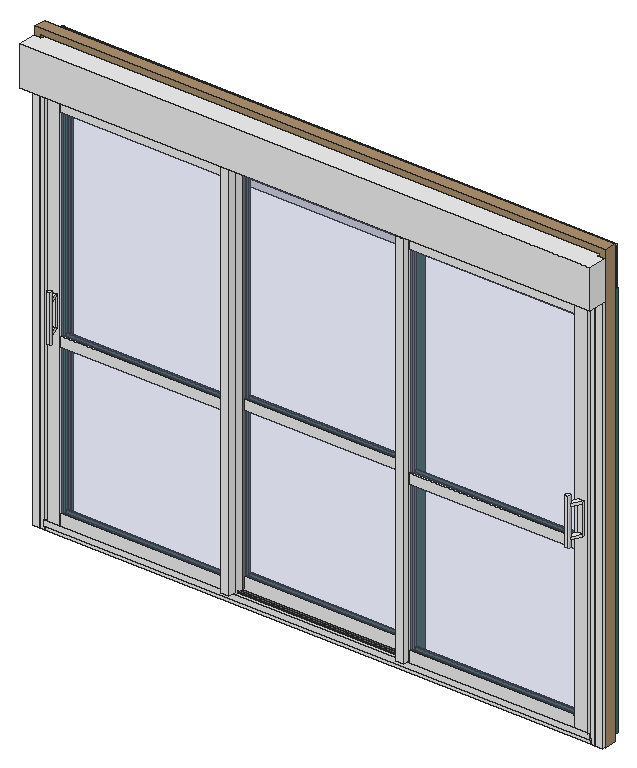
Revit family "K-LINE COULISSANT RENO-applique-KLBC2R-3V - Bloc Baie", category Fenêtres, Revit 2017 (continued)
Definition of nested family "Ouvrant KLBC"
  Definition of nested family "Poignée 24751"
    Forms (mm)
      Extrusion 4, solid, material <- "Couleur Accessoire"
        sketch origin (0, 0, 0) x (1, 0, 0) y (0, 1, 0)
          loop
            arc (-31.287, -50.252) -> (-17.9, -47.055) -> (-11.871, -59.427) r 11
            line (-11.871, -59.427) -> (14, -7) -> (-14, -7)
        from -80 to -69.2
    Cuts and joins
      joined: Extrusion 1, Extrusion 2, Extrusion 3, Extrusion 4
    Dimensions and locks
      locked: plane 4 to plane 1 "Centre (avant/arrière)" at 65
      locked: plane 5 to plane 3 "Centre (gauche/droite)" at 22.6
      locked: plane 6 to plane 1 "Centre (avant/arrière)" at 57
      locked: plane 7 to plane 1 "Centre (avant/arrière)" at 7
      Extrusion 1 sketch curve to plane 3 "Centre (gauche/droite)" = 14.00 mm
      plane 3 "Centre (gauche/droite)" to Extrusion 1 sketch curve = 14.00 mm
      locked: plane 8 to plane 2 at 80
      locked: plane 2 to plane 9 at 117
      locked: plane 10 to level at 80
      locked: level to plane 11 at 117
      locked: plane 12 to plane 8 at 10.8
      locked: plane 13 to plane 10 at 10.8
      aligned and locked: level to plane 2
      aligned and locked: plane 1 "Centre (avant/arrière)" to Extrusion 1 sketch curve
      aligned and locked: plane 7 to Extrusion 1 sketch curve
      aligned and locked: plane 11 to Extrusion 2
      aligned and locked: plane 9 to Extrusion 2
      aligned and locked: plane 10 to Extrusion 1
      aligned and locked: plane 8 to Extrusion 1
      aligned and locked: Extrusion 3 to Extrusion 1
      aligned and locked: Extrusion 3 to plane 12
      aligned and locked: Extrusion 4 to Extrusion 1
      aligned and locked: Extrusion 4 to plane 13
  Definition of nested family "KLBC_Poignée 102217"
    Parameters (values of type "KLBC_Poignée 102217")
      Couleur Accessoire = none
    Reference planes
      plane 1 "Centre (avant/arrière)": y = 0
      plane 2: z = 0
      plane 3 "Centre (gauche/droite)": x = 0
      plane 4: x = -15
      plane 5: y = -24.7
      plane 6: y = -7
      plane 7: z = 13.5
      plane 8: z = 95.5
      plane 9: z = -76
      plane 10: z = 93.5
      plane 11: x = -5
      plane 12: x = 15
      plane 13: x = 5
      plane 14: z = -58
      plane 15: y = -29
    Forms (mm)
      Extrusion 1, solid, material <- "Couleur Accessoire"
        sketch origin (0, 0, 0) x (1, 0, 0) y (0, 0, 1)
          loop
            line (13, 95.5) -> (-13, 95.5)
            arc (-13, 95.5) -> (-14.414, 94.914) -> (-15, 93.5) r 2
            line (-15, 93.5) -> (-15, -74)
            arc (-15, -74) -> (-14.414, -75.414) -> (-13, -76) r 2
            line (-13, -76) -> (13, -76)
            arc (13, -76) -> (14.414, -75.414) -> (15, -74) r 2
            line (15, -74) -> (15, 93.5)
            arc (15, 93.5) -> (14.414, 94.914) -> (13, 95.5) r 2
        from 0 to 7
      Extrusion 2, solid, material <- "Couleur Accessoire"
        sketch origin (0, 0, 0) x (1, 0, 0) y (0, 0, 1)
          loop
            circle (0, 0) r 12
        from 7 to 24.7
      Extrusion 3, solid, material <- "Couleur Accessoire"
        sketch origin (0, 0, 0) x (1, 0, 0) y (0, 0, 1)
          loop
            line (5, 15.253) -> (5, 91.747)
            arc (5, 91.747) -> (4.826, 92.311) -> (4.364, 92.678) r 1
            arc (4.364, 92.678) -> (0, 93.5) -> (-4.364, 92.678) r 12
            arc (-4.364, 92.678) -> (-4.826, 92.311) -> (-5, 91.747) r 1
            line (-5, 91.747) -> (-5, 15.253)
            arc (-5, 15.253) -> (-4.826, 14.689) -> (-4.364, 14.322) r 1
            arc (-4.364, 14.322) -> (0, 13.5) -> (4.364, 14.322) r 12
            arc (4.364, 14.322) -> (4.826, 14.689) -> (5, 15.253) r 1
          loop
            arc (5, 10.247) -> (4.826, 10.811) -> (4.364, 11.178) r 1
            arc (4.364, 11.178) -> (0, 12) -> (-4.364, 11.178) r 12
            arc (-4.364, 11.178) -> (-4.826, 10.811) -> (-5, 10.247) r 1
            line (-5, 10.247) -> (-5, -56.247)
            arc (-5, -56.247) -> (-4.826, -56.811) -> (-4.364, -57.178) r 1
            arc (-4.364, -57.178) -> (0, -58) -> (4.364, -57.178) r 12
            arc (4.364, -57.178) -> (4.826, -56.811) -> (5, -56.247) r 1
            line (5, -56.247) -> (5, 10.247)
        from 7 to 29
    Cuts and joins
      joined: Extrusion 2, Extrusion 3
    Dimensions and locks
      locked: plane 5 to plane 6 at 17.7
      locked: plane 6 to plane 1 "Centre (avant/arrière)" at 7
      locked: plane 7 to plane 2 at 13.5
      locked: plane 2 to plane 8 at 95.5
      locked: level to plane 9 at 76
      locked: plane 4 to plane 3 "Centre (gauche/droite)" at 15
      locked: plane 11 to plane 3 "Centre (gauche/droite)" at 5
      locked: plane 12 to plane 3 "Centre (gauche/droite)" at 15
      locked: plane 13 to plane 3 "Centre (gauche/droite)" at 5
      locked: plane 14 to level at 58
      locked: plane 15 to plane 5 at 4.3
      locked: plane 10 to plane 8 at 2
      radius of Extrusion 2 sketch curve = 12.00 mm
      aligned and locked: level to plane 2
      aligned and locked: plane 8 to Extrusion 1 sketch curve
      aligned and locked: Extrusion 1 sketch curve to plane 12
      aligned and locked: plane 9 to Extrusion 1 sketch curve
      aligned and locked: Extrusion 1 sketch curve to plane 4
      aligned and locked: Extrusion 1 to plane 1 "Centre (avant/arrière)"
      aligned and locked: Extrusion 1 to plane 6
      aligned and locked: Extrusion 2 to plane 5
      aligned and locked: plane 6 to Extrusion 2
      aligned and locked: plane 13 to Extrusion 3 sketch curve
      aligned and locked: plane 11 to Extrusion 3 sketch curve
      aligned and locked: Extrusion 3 sketch curve to plane 11
      aligned and locked: Extrusion 3 sketch curve to plane 13
      aligned and locked: plane 6 to Extrusion 3
      aligned and locked: Extrusion 3 to plane 15
  Definition of nested family "Vitrage"
    Parameters
      Width [instance] = 823.00 mm
      K.LINE Verre = none
      Height [instance] = 1344.00 mm
      Ep verre Int = 4.00 mm
      Ep verre Ext = 4.00 mm
      Ep Vitrage = 28.00 mm
      Analytic Construction = "<Aucun>"
    Reference planes
      plane 1 "Centre (avant/arrière)": y = 0
      plane 2: z = 0
      plane 3 "Centre (gauche/droite)": x = 0
      plane 4: x = -411.5
      plane 5: x = 411.5
      plane 6: y = 14
      plane 7: y = -14
      plane 8: y = 10
      plane 9: y = -10
      plane 10: z = 1344
      plane 11: x = -401.5
      plane 12: x = 401.5
      plane 13: z = 10
      plane 14: z = 1334
    Forms (mm)
      Extrusion 1, solid, material <- "K.LINE Verre"
        sketch origin (0, 0, 0) x (1, 0, 0) y (0, 1, 0)
          loop
            line (-411.5, 14) -> (-411.5, -14) -> (411.5, -14) -> (411.5, 14) -> (-411.5, 14)
        from 0 to 1344
    Lines and regions (mm)
      symbolic lines, detail levels medium+fine
        curve 1: line (-411.5, 14, 0) -> (411.5, 14, 0)
        curve 2: line (-411.5, -14, 0) -> (-411.5, 14, 0)
        curve 3: line (411.5, -14, 0) -> (-411.5, -14, 0)
        curve 4: line (411.5, 14, 0) -> (411.5, -14, 0)
        curve 10: line (0, -14, 0) -> (0, 14, 0)
        curve 11: line (0, -14, 1344) -> (0, -14, 0)
        curve 12: line (0, 14, 1344) -> (0, -14, 1344)
        curve 13: line (0, 14, 0) -> (0, 14, 1344)
      symbolic lines, detail levels coarse
        curve 5: line (-411.5, 0, 0) -> (411.5, 0, 0)
        curve 15: line (0, 0, 0) -> (0, 0, 1344)
      symbolic lines, detail levels fine
        curve 6: line (411.5, -10, 0) -> (-411.5, -10, 0)
        curve 7: line (411.5, 10, 0) -> (-411.5, 10, 0)
        curve 8: line (-401.5, 10, 0) -> (-401.5, -10, 0)
        curve 9: line (401.5, 10, 0) -> (401.5, -10, 0)
        curve 14: line (0, 10, 0) -> (0, 10, 1344)
        curve 16: line (0, -10, 0) -> (0, -10, 1344)
        curve 17: line (0, 10, 1334) -> (0, -10, 1334)
        curve 18: line (0, 10, 10) -> (0, -10, 10)
    Dimensions and locks
      equal spacing: plane 4, plane 3 "Centre (gauche/droite)", plane 5
      equal spacing: plane 6, plane 1 "Centre (avant/arrière)", plane 7
      "Width": plane 4 to plane 5
      "Ep Vitrage": plane 6 to plane 7
      "Ep verre Ext": plane 6 to plane 8
      "Ep verre Int": plane 9 to plane 7
      "Height": plane 2 to plane 10
      plane 4 to plane 11 = 10.00 mm
      locked: plane 12 to plane 5 at 10
      locked: plane 14 to plane 10 at 10
      locked: plane 13 to plane 2 at 10
      aligned and locked: level to plane 2
      aligned and locked: Extrusion 1 sketch curve to plane 6
      aligned and locked: plane 4 to Extrusion 1 sketch curve
      aligned and locked: Extrusion 1 sketch curve to plane 7
      aligned and locked: Extrusion 1 sketch curve to plane 5
      aligned and locked: Extrusion 1 to plane 10
      aligned and locked: Extrusion 1 to plane 2
      aligned and locked: plane 4 to curve 2
      aligned and locked: curve 4 to plane 5
      aligned and locked: curve 1 to plane 6
      aligned and locked: plane 1 "Centre (avant/arrière)" to curve 5
      aligned and locked: curve 3 to plane 7
      aligned and locked: plane 8 to curve 7
      aligned and locked: curve 6 to plane 9
      aligned and locked: curve 8 to plane 11
      aligned and locked: plane 12 to curve 9
      aligned and locked: plane 2 to curve 10
      aligned and locked: plane 10 to curve 12
      aligned and locked: curve 11 to plane 7
      aligned and locked: plane 9 to curve 16
      aligned and locked: plane 1 "Centre (avant/arrière)" to curve 15
      aligned and locked: curve 14 to plane 8
      aligned and locked: curve 13 to plane 6
      aligned and locked: curve 17 to plane 14
      aligned and locked: curve 18 to plane 13
  Definition of nested family "Traverse intermédiaire"
    Parameters
      Longueur = 1520.00 mm
      Couleur int = none
      Couleur ext = none
    Reference planes
      plane 1 "Centre (avant/arrière)": y = 0
      plane 2: z = 0
      plane 3 "Centre (gauche/droite)": x = 0
      plane 4: y = 20
      plane 5: y = -20
      plane 6: y = 14
      plane 7: y = -14
      plane 8: x = -760
      plane 9: x = 760
      plane 10: z = 25
      plane 11: z = -25
      plane 12: z = 11
      plane 13: z = -11
    Forms (mm)
      Extrusion 1, solid, material <- "Couleur int"
        sketch origin (0, 0, 0) x (0, 1, 0) y (0, 0, 1)
          loop
            line (-20, 25) -> (-20, -25) -> (-14, -25) -> (-14, -11) -> (0, -11) -> (0, 11) -> (-14, 11) -> (-14, 25) -> (-20, 25)
        from -760 to 760
      Extrusion 2, solid, material <- "Couleur ext"
        sketch origin (0, 0, 0) x (0, -1, 0) y (0, 0, -1)
          loop
            line (-20, -25) -> (-14, -25) -> (-14, -11) -> (0, -11) -> (0, 11) -> (-14, 11) -> (-14, 25) -> (-20, 25) -> (-20, -25)
        from -760 to 760
    Dimensions and locks
      locked: plane 4 to plane 1 "Centre (avant/arrière)" at 20
      locked: plane 5 to plane 1 "Centre (avant/arrière)" at 20
      locked: plane 6 to plane 4 at 6
      locked: plane 7 to plane 5 at 6
      equal spacing: plane 8, plane 3 "Centre (gauche/droite)", plane 9
      "Longueur": plane 8 to plane 9
      locked: plane 10 to plane 2 at 25
      locked: plane 11 to level at 25
      locked: plane 10 to plane 12 at 14
      locked: plane 11 to plane 13 at 14
      aligned and locked: level to plane 2
      aligned and locked: plane 10 to Extrusion 1 sketch curve
      aligned and locked: Extrusion 1 sketch curve to plane 12
      aligned and locked: Extrusion 1 sketch curve to plane 13
      aligned and locked: plane 11 to Extrusion 1 sketch curve
      aligned and locked: plane 5 to Extrusion 1 sketch curve
      aligned and locked: Extrusion 1 sketch curve to plane 7  (x2)
      aligned and locked: plane 1 "Centre (avant/arrière)" to Extrusion 1 sketch curve
      aligned and locked: plane 1 "Centre (avant/arrière)" to Extrusion 2 sketch curve
      aligned and locked: plane 6 to Extrusion 2 sketch curve  (x2)
      aligned and locked: Extrusion 2 sketch curve to plane 4
      aligned and locked: Extrusion 2 sketch curve to plane 10
      aligned and locked: plane 12 to Extrusion 2 sketch curve
      aligned and locked: Extrusion 2 sketch curve to plane 11
      aligned and locked: plane 13 to Extrusion 2 sketch curve
      aligned and locked: plane 9 to Extrusion 2
      aligned and locked: plane 9 to Extrusion 1
      aligned and locked: Extrusion 1 to plane 8
      aligned and locked: Extrusion 2 to plane 8
  Definition of nested family "Détail 2D - KLBC - Profil ouvrant"
    Parameters
      Traverse [instance] = no
      Pf vitrage [instance] = if(Traverse, 14.00 mm, 15.00 mm)  # 15.00 mm
      Lg [instance] = if(Traverse, 40.00 mm, 43.50 mm)  # 43.50 mm
      Ht [instance] = if(Traverse, 62.00 mm, 62.50 mm)  # 62.50 mm
    Reference planes
      plane 1 "Centre (avant/arrière)": y = 0
      plane 2: z = 0
      plane 3 "Centre (gauche/droite)": x = 0
      plane 4: x = -21.75
      plane 5: x = 21.75
      plane 6: y = 62.5
      plane 7: x = -14
      plane 8: x = 14
      plane 9: x = -8
      plane 10: x = 8
      plane 11: y = 49.5
      plane 12: y = 15
    Lines and regions (mm)
      Filled region 1, type "Uni - Gris", in view "Niveau de réf.", detail levels medium+fine
        outline origin (0, 0, 0) x (1, 0, 0) y (0, 1, 0)
          loop
            line (-21.75, 62.5) -> (-21.75, 0) -> (-14, 0) -> (-14, 15) -> (14, 15) -> (14, 0) -> (21.75, 0) -> (21.75, 62.5) -> (8, 62.5) -> (8, 49.5) -> (-8, 49.5) -> (-8, 62.5) -> (-21.75, 62.5)
      Filled region 2, type "Uni - blanc", in view "Niveau de réf.", detail levels coarse
        outline origin (0, 0, 0) x (1, 0, 0) y (0, 1, 0)
          loop
            line (-21.75, 62.5) -> (-21.75, 0) -> (21.75, 0) -> (21.75, 62.5) -> (-21.75, 62.5)
    Dimensions and locks
      equal spacing: plane 4, plane 3 "Centre (gauche/droite)", plane 5
      "Lg": plane 4 to plane 5
      "Ht": plane 6 to plane 1 "Centre (avant/arrière)"
      locked: plane 7 to plane 3 "Centre (gauche/droite)" at 14
      locked: plane 8 to plane 3 "Centre (gauche/droite)" at 14
      locked: plane 9 to plane 3 "Centre (gauche/droite)" at 8
      locked: plane 10 to plane 3 "Centre (gauche/droite)" at 8
      locked: plane 6 to plane 11 at 13
      "Pf vitrage": plane 12 to plane 1 "Centre (avant/arrière)"
      aligned and locked: Filled region 1 sketch curve to plane 6  (x2)
      aligned and locked: Filled region 1 sketch curve to plane 10
      aligned and locked: Filled region 1 sketch curve to plane 9
      aligned and locked: Filled region 1 sketch curve to plane 11
      aligned and locked: Filled region 1 sketch curve to plane 5
      aligned and locked: plane 4 to Filled region 1 sketch curve
      aligned and locked: plane 12 to Filled region 1 sketch curve
      aligned and locked: Filled region 1 sketch curve to plane 8
      aligned and locked: Filled region 1 sketch curve to plane 1 "Centre (avant/arrière)"  (x2)
      aligned and locked: Filled region 1 sketch curve to plane 7
      aligned and locked: Filled region 2 sketch curve to plane 6
      aligned and locked: Filled region 2 sketch curve to plane 5
      aligned and locked: plane 4 to Filled region 2 sketch curve
      aligned and locked: Filled region 2 sketch curve to plane 1 "Centre (avant/arrière)"
  Definition of nested family "Détail 2D - KLBC - Montant central"
    Parameters (values of type "Détail 2D - KLBC - Montant central")
      Porte fenêtre [instance] = no
      Profondeur [instance] = if(Mt renforcé, 61.50 mm, if(Porte fenêtre, 39.75 mm, 7.75 mm))  # 61.50 mm
      Mt renforcé [instance] = yes
    Reference planes
      plane 1 "Centre (avant/arrière)": y = 0
      plane 2: z = 0
      plane 3 "Centre (gauche/droite)": x = 0
      plane 4: y = 14
      plane 5: y = -14
      plane 6: y = -75.5
      plane 7: y = 28.25
      plane 8: y = 21.75
      plane 9: x = 20
      plane 10: x = 40
      plane 11: x = 25
    Lines and regions (mm)
      Filled region 1, type "Uni - Gris", in view "Niveau de réf.", detail levels medium+fine
        outline origin (0, 0, 0) x (1, 0, 0) y (0, 1, 0)
          loop
            line (20, 28.25) -> (0, 28.25) -> (0, -75.5) -> (40, -75.5) -> (40, -14) -> (25, -14) -> (25, 14) -> (40, 14) -> (40, 21.75) -> (20, 21.75) -> (20, 28.25)
      Filled region 2, type "Uni - blanc", in view "Niveau de réf.", detail levels coarse
        outline origin (0, 0, 0) x (1, 0, 0) y (0, 1, 0)
          loop
            line (0, 21.75) -> (0, -75.5) -> (40, -75.5) -> (40, 21.75) -> (0, 21.75)
    Dimensions and locks
      locked: plane 4 to plane 1 "Centre (avant/arrière)" at 14
      locked: plane 5 to plane 1 "Centre (avant/arrière)" at 14
      "Profondeur": plane 6 to plane 5
      locked: plane 8 to plane 4 at 7.75
      locked: plane 9 to plane 3 "Centre (gauche/droite)" at 20
      locked: plane 10 to plane 9 at 20
      locked: plane 11 to plane 10 at 15
      locked: plane 7 to plane 1 "Centre (avant/arrière)" at 28.25
      aligned and locked: Filled region 1 sketch curve to plane 7
      aligned and locked: Filled region 1 sketch curve to plane 9
      aligned and locked: Filled region 1 sketch curve to plane 8
      aligned and locked: Filled region 1 sketch curve to plane 10  (x2)
      aligned and locked: Filled region 1 sketch curve to plane 4
      aligned and locked: Filled region 1 sketch curve to plane 5
      aligned and locked: Filled region 1 sketch curve to plane 6
      aligned and locked: plane 3 "Centre (gauche/droite)" to Filled region 1 sketch curve
      aligned and locked: plane 11 to Filled region 1
      aligned and locked: plane 3 "Centre (gauche/droite)" to Filled region 2 sketch curve
      aligned and locked: Filled region 2 sketch curve to plane 10
      aligned and locked: Filled region 2 sketch curve to plane 6
      aligned and locked: Filled region 2 sketch curve to plane 8
    Automatic sketch dimensions
      Filled region 1 sketch curve to plane 11 = 0.00 mm
Definition of nested family "Bloc Baie Reno applique"
  Parameters
    Visibilité des lames [instance] = yes
    Thermo = not(Bloc classic)  # no
    Voltage = "230V"
    Wattage = "160W maxi"
    Profondeur coffre = if(Bloc classic, 220.00 mm, (if(Grand T, 260.00 mm, 215.00 mm)))  # 220.00 mm
    Option habillage Ext = yes
    Largeur = 2889.80 mm
    Hauteur coffre = if(Bloc classic, 200.00 mm, (if(Grand T, 225.00 mm, 195.00 mm)))  # 200.00 mm
    Hauteur = 1984.90 mm
    Grand T = yes
    Manufacturer = ""
    Dépassement coffre = 38.00 mm
    Décalage coffre = if(Bloc classic, 4.00 mm, 32.00 mm)  # 4.00 mm
    Couleur lames = none
    Couleur Ext = none
    Bloc classic = yes
  Reference planes
    plane 1 "Centre (avant/arrière)": y = 0
    plane 2: z = 0
    plane 3 "Centre (gauche/droite)": x = 0
    plane 4: x = -1444.9
    plane 5: x = 1444.9
    plane 6: y = 26
    plane 7: x = 1400.4
    plane 8: x = -1400.4
    plane 9: z = 1984.9
    plane 10: y = 0
    plane 11: x = 1493.9
    plane 12: x = -1493.9
    plane 13: z = 1802.9
    plane 14: x = 1434.9
    plane 15: x = -1434.9
    plane 16: y = 220
    plane 17: z = 2184.9
    plane 18: y = -2
    plane 19: x = -1455.9
    plane 20: x = 1455.9
    plane 21: y = 120
    plane 22: z = 1959.539
    plane 23: z = 1980.9
  Forms (mm)
    Extrusion 1, solid, material <- "Couleur Ext"
      sketch origin (0, 0, 0) x (1, 0, 0) y (0, 1, 0)
        loop
          line (1400.4, 19.85) -> (1437.95, 19.85) -> (1437.95, 6.15) -> (1400.4, 6.15) -> (1400.4, 1.977) -> (1423.105, 0) -> (1444.9, 0) -> (1444.9, 26) -> (1423.105, 26) -> (1400.4, 24.023) -> (1400.4, 19.85)
        loop
          line (-1400.4, 19.85) -> (-1400.4, 24.023) -> (-1423.105, 26) -> (-1444.9, 26) -> (-1444.9, 0) -> (-1423.105, 0) -> (-1400.4, 1.977) -> (-1400.4, 6.15) -> (-1437.95, 6.15) -> (-1437.95, 19.85) -> (-1400.4, 19.85)
      from 0 to 1984.9
    Extrusion 2, solid, material <- "Couleur Ext", visible <- "Option habillage Ext"
      sketch origin (0, 0, 0) x (0, 1, 0) y (0, 0, 1)
        loop
          line (-2, 2184.9) -> (-2, 1980.9) -> (0, 1980.9) -> (0, 2184.9) -> (-2, 2184.9)
      from -1455.9 to 1455.9
    Extrusion 3, solid, material <- "Couleur lames", visible <- "Visibilité des lames"
      sketch origin (0, 0, 0) x (0, 1, 0) y (0, 0, 1)
        loop
          line (17, 1802.9) -> (17, 1835.396) -> (9, 1837.539) -> (9, 1802.9) -> (17, 1802.9)
        loop
          line (17, 1875.396) -> (9, 1877.539) -> (9, 1839.539) -> (17, 1837.396) -> (17, 1875.396)
        loop
          line (17, 1915.396) -> (9, 1917.539) -> (9, 1879.539) -> (17, 1877.396) -> (17, 1915.396)
        loop
          line (17, 1955.396) -> (9, 1957.539) -> (9, 1919.539) -> (17, 1917.396) -> (17, 1955.396)
        loop
          line (17, 1984.9) -> (9, 1984.9) -> (9, 1959.539) -> (17, 1957.396) -> (17, 1984.9)
      from -1434.9 to 1434.9
    Extrusion 4, solid, visible <- "Thermo"
      sketch origin (0, 0, 0) x (0, 1, 0) y (0, 0, 1)
        loop
          line (0, 2184.9) -> (0, 1984.9) -> (220, 1984.9) -> (220, 2184.9) -> (0, 2184.9)
      from -1493.9 to 1493.9
    Extrusion 5, void
      sketch origin (0, 0, 0) x (1, 0, 0) y (0, 1, 0)
        loop
          line (1455.9, 120) -> (1455.9, 0) -> (1493.9, 0) -> (1493.9, 120) -> (1455.9, 120)
        loop
          line (-1455.9, 120) -> (-1493.9, 120) -> (-1493.9, 0) -> (-1455.9, 0) -> (-1455.9, 120)
      from 1984.9 to 2184.9
    Extrusion 6, solid, visible <- "Bloc classic"
      sketch origin (0, 0, 0) x (0, 1, 0) y (0, 0, 1)
        loop
          line (0, 2184.9) -> (0, 1984.9) -> (220, 1984.9) -> (220, 2112.9) -> (202.048, 2184.9) -> (0, 2184.9)
      from -1493.9 to 1493.9
  Cuts and joins
    Extrusion 5 cuts Extrusion 4
    Extrusion 5 cuts Extrusion 6
  Lines and regions (mm)
    symbolic lines
      curve 1: line (0, 26, 1984.9) -> (0, 26, 0)
      curve 2: line (0, 26, 0) -> (0, 0, 0)
      curve 3: line (0, 0, 0) -> (0, 0, 1984.9)
  Dimensions and locks
    equal spacing: plane 4, plane 3 "Centre (gauche/droite)", plane 5
    "Largeur": plane 4 to plane 5
    locked: plane 7 to plane 5 at 44.5
    locked: plane 8 to plane 4 at 44.5
    "Hauteur": plane 9 to plane 2
    locked: plane 10 to plane 6 at 26
    locked: plane 14 to plane 5 at 10
    locked: plane 15 to plane 4 at 10
    "Profondeur coffre": plane 1 "Centre (avant/arrière)" to plane 16
    "Hauteur coffre": plane 9 to plane 17
    locked: plane 9 to plane 13 at 182
    locked: plane 18 to plane 1 "Centre (avant/arrière)" at 2
    locked: plane 19 to plane 4 at 11
    "Dépassement coffre": plane 12 to plane 19
    locked: plane 20 to plane 5 at 11
    "Dépassement coffre": plane 20 to plane 11
    locked: plane 1 "Centre (avant/arrière)" to plane 21 at 120
    locked: Extrusion 6 sketch curve to plane 16 at 17.952
    locked: plane 17 to Extrusion 6 sketch curve at 72
    locked: plane 9 to plane 22 at 25.361
    "Décalage coffre": plane 9 to plane 23
    aligned and locked: level to plane 2
    aligned and locked: Extrusion 1 sketch curve to plane 7
    aligned and locked: Extrusion 1 sketch curve to plane 6  (x2)
    aligned and locked: plane 10 to Extrusion 1 sketch curve  (x2)
    aligned and locked: plane 4 to Extrusion 1 sketch curve
    aligned and locked: Extrusion 1 sketch curve to plane 8
    aligned and locked: plane 8 to Extrusion 1 sketch curve
    aligned and locked: plane 5 to Extrusion 1 sketch curve
    aligned and locked: Extrusion 1 to plane 9
    aligned and locked: Extrusion 1 to plane 2
    aligned and locked: plane 15 to Extrusion 3
    aligned and locked: plane 14 to Extrusion 3
    aligned and locked: plane 5 to nested 1
    aligned and locked: plane 10 to nested 1
    aligned and locked: plane 4 to nested 2
    aligned and locked: plane 10 to nested 2
    aligned and locked: plane 10 to Extrusion 2 sketch curve
    aligned and locked: plane 11 to Extrusion 4
    aligned and locked: plane 12 to Extrusion 4
    aligned and locked: Extrusion 4 to Extrusion 1
    aligned and locked: plane 17 to Extrusion 2
    aligned and locked: Extrusion 2 to plane 18
    aligned and locked: Extrusion 2 to plane 19
    aligned and locked: Extrusion 2 to plane 20
    aligned and locked: plane 21 to Extrusion 5 sketch curve  (x2)
    aligned and locked: Extrusion 5 sketch curve to plane 20
    aligned and locked: Extrusion 5 sketch curve to Extrusion 4  (x3)
    aligned and locked: plane 19 to Extrusion 5 sketch curve
    aligned and locked: Extrusion 4 to Extrusion 5 sketch curve
    aligned and locked: Extrusion 5 to plane 17
    aligned and locked: plane 9 to Extrusion 5
    aligned and locked: plane 11 to cut or joined group of Extrusion 5, Extrusion 6
    aligned and locked: plane 12 to cut or joined group of Extrusion 5, Extrusion 6
    aligned and locked: plane 1 "Centre (avant/arrière)" to plane 10
    aligned and locked: plane 9 to Extrusion 3 sketch curve
    aligned and locked: plane 22 to Extrusion 3 sketch curve
    aligned and locked: plane 23 to Extrusion 2
  Automatic sketch dimensions
    curve 3 to level = 0.00 mm
    curve 3 to plane 10 = 0.00 mm
    curve 2 to plane 6 = 0.00 mm
    plane 9 to curve 3 = 0.00 mm
    plane 9 to curve 1 = 0.00 mm
    Extrusion 1 sketch curve to plane 7 = 0.00 mm
    plane 15 to Extrusion 1 sketch curve = 3.05 mm
    Extrusion 1 sketch curve to plane 15 = 11.795 mm  (x2)
    Extrusion 1 sketch curve to plane 14 = 11.795 mm  (x2)
    plane 14 to Extrusion 1 sketch curve = 3.05 mm
    Extrusion 1 sketch curve to plane 10 = 1.977 mm  (x2)
    Extrusion 1 sketch curve to Extrusion 1 sketch curve = 4.173 mm  (x2)
    plane 6 to Extrusion 1 sketch curve = 6.15 mm  (x2)
    plane 6 to Extrusion 1 sketch curve = 1.977 mm  (x2)
    Extrusion 2 sketch curve to plane 18 = 0.00 mm
    Extrusion 2 sketch curve to plane 17 = 0.00 mm
    Extrusion 4 sketch curve to plane 10 = 0.00 mm
    plane 9 to Extrusion 4 sketch curve = 0.00 mm
    Extrusion 4 sketch curve to plane 16 = 0.00 mm
    Extrusion 4 sketch curve to plane 17 = 0.00 mm
    plane 21 to Extrusion 5 sketch curve = 0.00 mm
    Extrusion 6 sketch curve to plane 10 = 0.00 mm
    Extrusion 6 sketch curve to plane 16 = 0.00 mm
    plane 9 to Extrusion 6 sketch curve = 0.00 mm
    Extrusion 6 sketch curve to plane 17 = 0.00 mm
    Extrusion 3 sketch curve to plane 13 = 0.00 mm
    Extrusion 3 sketch curve to plane 1 "Centre (avant/arrière)" = 9.00 mm  (x3)
    Extrusion 3 sketch curve to Extrusion 3 sketch curve = 0.00 mm  (x3)
    Extrusion 3 sketch curve to Extrusion 3 sketch curve = 8.00 mm  (x4)
    Extrusion 3 sketch curve to Extrusion 3 sketch curve = 32.496 mm
    Extrusion 3 sketch curve to Extrusion 3 sketch curve = 2.00 mm  (x8)
    Extrusion 3 sketch curve to Extrusion 3 sketch curve = 0.144 mm  (x3)
    Extrusion 3 sketch curve to Extrusion 3 sketch curve = 35.856 mm  (x2)
    plane 22 to Extrusion 2 sketch curve = 21.361 mm
    Extrusion 3 sketch curve to plane 22 = 4.144 mm
  Nested families
    nested 1: "Détail 2D coulisse demi-linteau" at (1444.9, 0, 0), type "Détail 2D coulisse demi-linteau"
    nested 2: "Détail 2D coulisse demi-linteau" at (-1444.9, 0, 0) x (-1, 0, 0) z (0, 0, 1), type "Détail 2D coulisse demi-linteau"
  Definition of nested family "Détail 2D coulisse demi-linteau"
    Reference planes
      plane 1 "Centre (avant/arrière)": y = 0
      plane 2: z = 0
      plane 3 "Centre (gauche/droite)": x = 0
    Lines and regions (mm)
      Filled region 1, type "Uni - Gris", in view "Niveau de réf.", detail levels medium+fine
        outline origin (0, 0, 0) x (1, 0, 0) y (0, 1, 0)
          loop
            line (-21.795, 26) -> (-44.5, 24.023) -> (-44.5, 19.85) -> (-6.95, 19.85) -> (-6.95, 6.15) -> (-44.5, 6.15) -> (-44.5, 1.977) -> (-21.795, 0) -> (0, 0) -> (0, 26) -> (-21.795, 26)
      Filled region 2, type "Uni - Blanc", in view "Niveau de réf.", detail levels coarse
        outline origin (0, 0, 0) x (1, 0, 0) y (0, 1, 0)
          loop
            line (-44.5, 26) -> (-44.5, 0) -> (0, 0) -> (0, 26) -> (-44.5, 26)
    Dimensions and locks
      aligned and locked: plane 3 "Centre (gauche/droite)" to Filled region 1 sketch curve
      aligned and locked: plane 1 "Centre (avant/arrière)" to Filled region 1 sketch curve
      aligned and locked: Filled region 2 sketch curve to Filled region 1  (x4)
Definition of nested family "Ouvrant KLBC-3V"
  Parameters (values of type "Ouvrant KLBC-3V")
    Vitrage = none
    Visibilité ouverture = yes
    Position traverses = if([3 traverses], (Height - 274.00 mm) / 4 + 50.00 mm, (Height - 224.00 mm) / 3 + 50.00 mm)  # 689.667 mm
    Nb traverses = 0.00 mm
    Lg vitrage = Width - 50.00 mm  # 692.333 mm
    Lg traverse = Width - 80.00 mm  # 662.333 mm
    Width = 742.333 mm
    Ht vitrage = Height - 96.00 mm  # 2047.00 mm
    Ht traverse 1 = 431.00 mm
    Height = 2143.00 mm
    Couleur châssis Int = none
    Couleur châssis Ext = none
    Couleur Accessoire Int = none
    Analytic Construction = "<Aucun>"
    3 traverses = Nb traverses = 3.00 mm  # no
    2 traverses = or(Nb traverses = 2.00 mm, Nb traverses = 3.00 mm)  # no
    1 traverse = Nb traverses = 1.00 mm  # no
  Reference planes
    plane 1 "Centre (avant/arrière)": y = 0
    plane 2: z = 0
    plane 3 "Centre (gauche/droite)": x = 0
    plane 4: x = -742.333
    plane 5: y = 21.75
    plane 6 "Nu ext": y = -21.75
    plane 7: x = -40
    plane 8: x = -25
    plane 9: x = -3
    plane 10: x = -702.333
    plane 11: x = -717.333
    plane 12: x = -722.333
    plane 13: y = -14
    plane 14: y = 14
    plane 15: y = -8
    plane 16: y = 8
    plane 17: x = -739.333
    plane 18: y = 28.25
    plane 19: z = 2143
    plane 20: z = 1071.5
    plane 21: z = 62
    plane 22: z = 48
    plane 23: z = 13
    plane 24: y = -20
    plane 25: y = 20
    plane 26: z = 2081
    plane 27: z = 2095
    plane 28: z = 2130
    plane 29: x = -20
    plane 30: x = -371.167
    plane 31: z = 726.667
    plane 32: z = 1416.333
    plane 33: z = 2106
    plane 34: z = 2795.667
    plane 35: z = 37
    plane 36: z = 431
    plane 37: y = 120
  Forms (mm)
    Extrusion 1, solid
      sketch origin (0, 0, 0) x (1, 0, 0) y (0, 1, 0)
        loop
          line (-739.333, 28.25) -> (-739.333, -14) -> (-717.333, -14) -> (-717.333, 14) -> (-702.333, 14) -> (-702.333, 21.75) -> (-722.333, 21.75) -> (-722.333, 28.25) -> (-739.333, 28.25)
        loop
          line (-3, 28.25) -> (-20, 28.25) -> (-20, 21.75) -> (-40, 21.75) -> (-40, 14) -> (-25, 14) -> (-25, -14) -> (-3, -14) -> (-3, 28.25)
      from 0 to 2143
    Extrusion 2, solid, material <- "Couleur châssis Ext"
      sketch origin (0, 0, 0) x (1, 0, 0) y (0, 1, 0)
        loop
          line (-742.333, 28.25) -> (-742.333, -21.75) -> (-702.333, -21.75) -> (-702.333, -14) -> (-739.333, -14) -> (-739.333, 28.25) -> (-742.333, 28.25)
        loop
          line (0, 28.25) -> (-3, 28.25) -> (-3, -14) -> (-40, -14) -> (-40, -21.75) -> (0, -21.75) -> (0, 28.25)
      from 0 to 2143
    Extrusion 3, solid, material <- "Couleur châssis Ext"
      sketch origin (0, 0, 0) x (0, 1, 0) y (0, 0, 1)
        loop
          line (-20, 62) -> (-20, 0) -> (-8, 0) -> (-8, 13) -> (0, 13) -> (0, 48) -> (-14, 48) -> (-14, 62) -> (-20, 62)
        loop
          line (-20, 2081) -> (-14, 2081) -> (-14, 2095) -> (0, 2095) -> (0, 2130) -> (-8, 2130) -> (-8, 2143) -> (-20, 2143) -> (-20, 2081)
      from -40 to -702.333
    Extrusion 4, void
      sketch origin (0, 0, 0) x (0, 1, 0) y (0, 0, 1)
        loop
          line (-8, 13) -> (-8, 0) -> (8, 0) -> (8, 13) -> (-8, 13)
        loop
          line (-8, 2130) -> (8, 2130) -> (8, 2143) -> (-8, 2143) -> (-8, 2130)
      from 0 to -742.333
    Extrusion 5, solid, material <- "Couleur châssis Int"
      sketch origin (0, 1.25, 0.625) x (0, -1, 0) y (0, 0, -1)
        loop
          line (-18.75, -61.375) -> (-12.75, -61.375) -> (-12.75, -47.375) -> (1.25, -47.375) -> (1.25, -12.375) -> (-6.75, -12.375) -> (-6.75, 0.625) -> (-18.75, 0.625) -> (-18.75, -61.375)
        loop
          line (-18.75, -2080.375) -> (-18.75, -2142.375) -> (-6.75, -2142.375) -> (-6.75, -2129.375) -> (1.25, -2129.375) -> (1.25, -2094.375) -> (-12.75, -2094.375) -> (-12.75, -2080.375) -> (-18.75, -2080.375)
      from -40 to -702.333
  Cuts and joins
    Extrusion 4 cuts Extrusion 3
    Extrusion 4 cuts Extrusion 2
    Extrusion 4 cuts Extrusion 1
  Lines and regions (mm)
    symbolic lines
      curve 1: line (-471.167, -21.75, 1071.5) -> (-271.167, -21.75, 1071.5)
      curve 2: line (-471.167, -21.75, 1071.5) -> (-434.914, -21.75, 1088.405)
      curve 3: line (-471.167, -21.75, 1071.5) -> (-434.914, -21.75, 1054.595)
      curve 9: line (-271.167, -21.75, 1071.5) -> (-307.419, -21.75, 1088.405)
      curve 10: line (-271.167, -21.75, 1071.5) -> (-307.419, -21.75, 1054.595)
    symbolic lines, visible <- "Visibilité ouverture"
      curve 4: line (-471.167, 120, 0) -> (-271.167, 120, 0)
      curve 5: line (-471.167, 120, 0) -> (-432.53, 130.353, 0)
      curve 6: line (-471.167, 120, 0) -> (-432.53, 109.647, 0)
      curve 7: line (-271.167, 120, 0) -> (-309.804, 130.353, 0)
      curve 8: line (-271.167, 120, 0) -> (-309.804, 109.647, 0)
    model lines, visible <- "Visibilité ouverture"
      curve 11: line (-307.419, -21.75, 1088.405) -> (-271.167, -21.75, 1071.5)
      curve 12: line (-271.167, -21.75, 1071.5) -> (-307.419, -21.75, 1054.595)
      curve 13: line (-271.167, -21.75, 1071.5) -> (-471.167, -21.75, 1071.5)
      curve 14: line (-434.914, -21.75, 1088.405) -> (-471.167, -21.75, 1071.5)
      curve 15: line (-471.167, -21.75, 1071.5) -> (-434.914, -21.75, 1054.595)
  Dimensions and locks
    "Width": plane 4 to plane 3 "Centre (gauche/droite)"
    locked: plane 5 to plane 1 "Centre (avant/arrière)" at 21.75
    locked: plane 6 "Nu ext" to plane 1 "Centre (avant/arrière)" at 21.75
    locked: plane 7 to plane 8 at 15
    locked: plane 9 to plane 3 "Centre (gauche/droite)" at 3
    locked: plane 10 to plane 11 at 15
    locked: plane 4 to plane 12 at 20
    locked: plane 12 to plane 10 at 20
    locked: plane 6 "Nu ext" to plane 13 at 7.75
    locked: plane 5 to plane 14 at 7.75
    locked: plane 15 to plane 1 "Centre (avant/arrière)" at 8
    locked: plane 16 to plane 1 "Centre (avant/arrière)" at 8
    locked: plane 4 to plane 17 at 3
    locked: plane 6 "Nu ext" to plane 18 at 50
    "Height": plane 19 to plane 2
    equal spacing: plane 19, plane 20, plane 2
    locked: plane 21 to plane 2 at 62
    locked: plane 21 to plane 22 at 14
    locked: plane 2 to plane 23 at 13
    locked: plane 24 to plane 13 at 6
    locked: plane 25 to plane 14 at 6
    locked: plane 26 to plane 27 at 14
    locked: plane 19 to plane 28 at 13
    locked: plane 26 to plane 19 at 62
    locked: plane 29 to plane 3 "Centre (gauche/droite)" at 20
    equal spacing: plane 11, plane 30, plane 8
    "Position traverses": plane 32 to plane 31
    "Position traverses": plane 33 to plane 32
    "Position traverses": plane 34 to plane 33
    locked: plane 21 to plane 35 at 25
    "Position traverses": plane 31 to plane 35
    "Ht traverse 1": plane 36 to plane 2
    locked: plane 37 to plane 1 "Centre (avant/arrière)" at 120
    locked: plane 7 to plane 29 at 20
    aligned and locked: level to plane 2
    aligned and locked: plane 17 to Extrusion 1 sketch curve
    aligned and locked: plane 12 to Extrusion 1 sketch curve
    aligned and locked: plane 10 to Extrusion 1 sketch curve
    aligned and locked: plane 11 to Extrusion 1 sketch curve
    aligned and locked: plane 13 to Extrusion 1 sketch curve
    aligned and locked: plane 4 to Extrusion 2 sketch curve
    aligned and locked: Extrusion 2 sketch curve to plane 17
    aligned and locked: Extrusion 2 sketch curve to plane 13
    aligned and locked: plane 10 to Extrusion 2 sketch curve
    aligned and locked: Extrusion 2 sketch curve to plane 6 "Nu ext"
    aligned and locked: plane 18 to Extrusion 2 sketch curve
    aligned and locked: plane 18 to Extrusion 1 sketch curve
    aligned and locked: Extrusion 1 sketch curve to plane 5
    aligned and locked: Extrusion 1 sketch curve to plane 14
    aligned and locked: Extrusion 2 to plane 2
    aligned and locked: Extrusion 1 to plane 2
    aligned and locked: plane 19 to Extrusion 1
    aligned and locked: plane 19 to Extrusion 2
    aligned and locked: plane 24 to Extrusion 3 sketch curve
    aligned and locked: plane 21 to Extrusion 3 sketch curve
    aligned and locked: plane 13 to Extrusion 3 sketch curve
    aligned and locked: plane 22 to Extrusion 3 sketch curve
    aligned and locked: Extrusion 3 sketch curve to plane 1 "Centre (avant/arrière)"
    aligned and locked: plane 23 to Extrusion 3 sketch curve
    aligned and locked: Extrusion 3 sketch curve to plane 2
    aligned and locked: Extrusion 3 sketch curve to plane 24
    aligned and locked: Extrusion 3 sketch curve to plane 19
    aligned and locked: Extrusion 3 sketch curve to plane 28
    aligned and locked: plane 1 "Centre (avant/arrière)" to Extrusion 3 sketch curve
    aligned and locked: Extrusion 3 sketch curve to plane 27
    aligned and locked: Extrusion 3 sketch curve to plane 13
    aligned and locked: Extrusion 3 sketch curve to plane 26
    aligned and locked: plane 15 to Extrusion 3 sketch curve
    aligned and locked: Extrusion 3 sketch curve to plane 15
    aligned and locked: plane 23 to Extrusion 4 sketch curve
    aligned and locked: Extrusion 4 sketch curve to plane 16
    aligned and locked: plane 2 to Extrusion 4 sketch curve
    aligned and locked: Extrusion 4 sketch curve to plane 15
    aligned and locked: plane 19 to Extrusion 4 sketch curve
    aligned and locked: plane 16 to Extrusion 4 sketch curve
    aligned and locked: Extrusion 4 sketch curve to plane 28
    aligned and locked: plane 15 to Extrusion 4 sketch curve
    aligned and locked: Extrusion 4 to plane 4
    aligned and locked: plane 3 "Centre (gauche/droite)" to Extrusion 4
    aligned and locked: plane 10 to Extrusion 3
    aligned and locked: plane 7 to cut or joined group of Extrusion 3, Extrusion 4
    aligned and locked: plane 19 to Extrusion 5 sketch curve
    aligned and locked: plane 28 to Extrusion 5 sketch curve
    aligned and locked: plane 1 "Centre (avant/arrière)" to Extrusion 5 sketch curve
    aligned and locked: Extrusion 5 sketch curve to plane 16
    aligned and locked: plane 25 to Extrusion 5 sketch curve
    aligned and locked: plane 27 to Extrusion 5 sketch curve
    aligned and locked: plane 26 to Extrusion 5 sketch curve
    aligned and locked: plane 14 to Extrusion 5 sketch curve
    aligned and locked: Extrusion 5 sketch curve to plane 21
    aligned and locked: Extrusion 5 sketch curve to plane 22
    aligned and locked: Extrusion 5 sketch curve to plane 23
    aligned and locked: plane 2 to Extrusion 5 sketch curve
    aligned and locked: Extrusion 5 sketch curve to plane 25
    aligned and locked: Extrusion 5 sketch curve to plane 14
    aligned and locked: plane 16 to Extrusion 5 sketch curve
    aligned and locked: Extrusion 5 sketch curve to plane 1 "Centre (avant/arrière)"
    aligned and locked: plane 1 "Centre (avant/arrière)" to nested 1
    aligned and locked: plane 30 to nested 1
    aligned and locked: nested 1 to plane 22
    aligned and locked: nested 2 to plane 1 "Centre (avant/arrière)"
    aligned and locked: plane 19 to nested 2
    aligned and locked: plane 2 to nested 3
    aligned and locked: plane 1 "Centre (avant/arrière)" to nested 3
    aligned and locked: plane 4 to nested 4
    aligned and locked: plane 1 "Centre (avant/arrière)" to nested 4
    aligned and locked: plane 10 to Extrusion 5
    aligned and locked: nested 5 to plane 30
    aligned and locked: nested 5 to plane 1 "Centre (avant/arrière)"
    aligned and locked: plane 31 to nested 6
    aligned and locked: plane 32 to nested 7
    aligned and locked: plane 33 to nested 8
    aligned and locked: nested 8 to plane 1 "Centre (avant/arrière)"
    aligned and locked: nested 7 to plane 1 "Centre (avant/arrière)"
    aligned and locked: nested 6 to plane 1 "Centre (avant/arrière)"
    aligned and locked: plane 36 to nested 5
    aligned and locked: nested 6 to plane 30
    aligned and locked: nested 7 to plane 30
    aligned and locked: nested 8 to plane 30
    aligned and locked: plane 7 to Extrusion 5
    aligned and locked: Extrusion 2 sketch curve to plane 18
    aligned and locked: plane 13 to Extrusion 2 sketch curve
    aligned and locked: plane 6 "Nu ext" to Extrusion 2 sketch curve
    aligned and locked: Extrusion 2 sketch curve to plane 7
    aligned and locked: Extrusion 2 sketch curve to plane 9
    aligned and locked: plane 3 "Centre (gauche/droite)" to Extrusion 2 sketch curve
    aligned and locked: Extrusion 1 sketch curve to plane 7
    aligned and locked: Extrusion 1 sketch curve to plane 8
    aligned and locked: Extrusion 1 sketch curve to plane 29
    aligned and locked: plane 9 to Extrusion 1 sketch curve
    aligned and locked: Extrusion 1 sketch curve to plane 18
    aligned and locked: plane 5 to Extrusion 1 sketch curve
    aligned and locked: plane 14 to Extrusion 1 sketch curve
    aligned and locked: Extrusion 1 sketch curve to plane 13
    aligned and locked: nested 9 to plane 1 "Centre (avant/arrière)"
    aligned and locked: plane 3 "Centre (gauche/droite)" to nested 9
  Automatic sketch dimensions
    curve 6 to plane 37 = 0.00 mm
    curve 6 to plane 30 = 100.00 mm
    plane 30 to curve 8 = 100.00 mm
    plane 37 to curve 5 = 10.353 mm
    curve 4 to curve 5 = 38.637 mm
    curve 6 to plane 37 = 10.353 mm
    curve 6 to curve 5 = 0.00 mm
    plane 37 to curve 7 = 10.353 mm
    curve 7 to curve 7 = 38.637 mm
    curve 8 to plane 37 = 10.353 mm
    curve 8 to curve 7 = 0.00 mm
    curve 15 to plane 20 = 0.00 mm
    curve 13 to plane 30 = 100.00 mm
    curve 9 to plane 20 = 16.905 mm
    curve 1 to curve 9 = 36.252 mm
    plane 20 to curve 10 = 16.905 mm
    curve 9 to curve 10 = 0.00 mm
    curve 2 to plane 20 = 16.905 mm
    plane 30 to curve 2 = 63.748 mm
    curve 2 to curve 13 = 36.252 mm
    plane 20 to curve 15 = 16.905 mm
    curve 2 to curve 15 = 0.00 mm
  Nested families
    nested 1: "Vitrage" at (-371.167, 0, 48), Width <- "Lg vitrage", Height <- "Ht vitrage", type "Vitrage"
      with Width 692.333 mm, Height 2047.00 mm
    nested 2: "Détail 2D - KLBC - Profil ouvrant" at (0, 0, 2081) x (0, 1, 0) z (1, 0, 0), type "Détail 2D - KLBC - Profil ouvrant"
      with Traverse yes, Pf vitrage 14.00 mm, Lg 40.00 mm, Ht 62.00 mm
    nested 3: "Détail 2D - KLBC - Profil ouvrant" at (0, 0, 62) x (0, 1, 0) z (1, 0, 0), type "Détail 2D - KLBC - Profil ouvrant"
      with Traverse yes, Pf vitrage 14.00 mm, Lg 40.00 mm, Ht 62.00 mm
    nested 4: "Détail 2D - KLBC - Montant central" at (-742.333, 0, 0), type "Détail 2D - KLBC - Montant central"
      with Profondeur 7.75 mm, Porte fenêtre no
    nested 5: "Traverse intermédiaire" at (-371.167, 0, 431) x (-1, 0, 0) z (0, 0, 1), visible <- "1 traverse", type "Traverse intermédiaire"
      with Longueur 662.333 mm
    nested 6: "Traverse intermédiaire" at (-371.167, 0, 726.667) x (-1, 0, 0) z (0, 0, 1), visible <- "2 traverses", type "Traverse intermédiaire"
      with Longueur 662.333 mm
    nested 7: "Traverse intermédiaire" at (-371.167, 0, 1416.333) x (-1, 0, 0) z (0, 0, 1), visible <- "2 traverses", type "Traverse intermédiaire"
      with Longueur 662.333 mm
    nested 8: "Traverse intermédiaire" at (-371.167, 0, 2106) x (-1, 0, 0) z (0, 0, 1), visible <- "3 traverses", type "Traverse intermédiaire"
      with Longueur 662.333 mm
    nested 9: "Détail 2D - KLBC - Montant central" at (0, 0, 0) x (-1, 0, 0) z (0, 0, 1), type "Détail 2D - KLBC - Montant central"
      with Profondeur 7.75 mm, Porte fenêtre no
  Definition of nested family "Vitrage"
    Parameters
      Width [instance] = 823.00 mm
      K.LINE Verre = none
      Height [instance] = 1344.00 mm
      Ep verre Int = 4.00 mm
      Ep verre Ext = 4.00 mm
      Ep Vitrage = 28.00 mm
      Analytic Construction = "<Aucun>"
    Reference planes
      plane 1 "Centre (avant/arrière)": y = 0
      plane 2: z = 0
      plane 3 "Centre (gauche/droite)": x = 0
      plane 4: x = -411.5
      plane 5: x = 411.5
      plane 6: y = 14
      plane 7: y = -14
      plane 8: y = 10
      plane 9: y = -10
      plane 10: z = 1344
      plane 11: x = -401.5
      plane 12: x = 401.5
      plane 13: z = 10
      plane 14: z = 1334
    Forms (mm)
      Extrusion 1, solid, material <- "K.LINE Verre"
        sketch origin (0, 0, 0) x (1, 0, 0) y (0, 1, 0)
          loop
            line (-411.5, 14) -> (-411.5, -14) -> (411.5, -14) -> (411.5, 14) -> (-411.5, 14)
        from 0 to 1344
    Lines and regions (mm)
      symbolic lines, detail levels medium+fine
        curve 1: line (-411.5, 14, 0) -> (411.5, 14, 0)
        curve 2: line (-411.5, -14, 0) -> (-411.5, 14, 0)
        curve 3: line (411.5, -14, 0) -> (-411.5, -14, 0)
        curve 4: line (411.5, 14, 0) -> (411.5, -14, 0)
        curve 10: line (0, -14, 0) -> (0, 14, 0)
        curve 11: line (0, -14, 1344) -> (0, -14, 0)
        curve 12: line (0, 14, 1344) -> (0, -14, 1344)
        curve 13: line (0, 14, 0) -> (0, 14, 1344)
      symbolic lines, detail levels coarse
        curve 5: line (-411.5, 0, 0) -> (411.5, 0, 0)
        curve 15: line (0, 0, 0) -> (0, 0, 1344)
      symbolic lines, detail levels fine
        curve 6: line (411.5, -10, 0) -> (-411.5, -10, 0)
        curve 7: line (411.5, 10, 0) -> (-411.5, 10, 0)
        curve 8: line (-401.5, 10, 0) -> (-401.5, -10, 0)
        curve 9: line (401.5, 10, 0) -> (401.5, -10, 0)
        curve 14: line (0, 10, 0) -> (0, 10, 1344)
        curve 16: line (0, -10, 0) -> (0, -10, 1344)
        curve 17: line (0, 10, 1334) -> (0, -10, 1334)
        curve 18: line (0, 10, 10) -> (0, -10, 10)
    Dimensions and locks
      equal spacing: plane 4, plane 3 "Centre (gauche/droite)", plane 5
      equal spacing: plane 6, plane 1 "Centre (avant/arrière)", plane 7
      "Width": plane 4 to plane 5
      "Ep Vitrage": plane 6 to plane 7
      "Ep verre Ext": plane 6 to plane 8
      "Ep verre Int": plane 9 to plane 7
      "Height": plane 2 to plane 10
      plane 4 to plane 11 = 10.00 mm
      locked: plane 12 to plane 5 at 10
      locked: plane 14 to plane 10 at 10
      locked: plane 13 to plane 2 at 10
      aligned and locked: level to plane 2
      aligned and locked: Extrusion 1 sketch curve to plane 6
      aligned and locked: plane 4 to Extrusion 1 sketch curve
      aligned and locked: Extrusion 1 sketch curve to plane 7
      aligned and locked: Extrusion 1 sketch curve to plane 5
      aligned and locked: Extrusion 1 to plane 10
      aligned and locked: Extrusion 1 to plane 2
      aligned and locked: plane 4 to curve 2
      aligned and locked: curve 4 to plane 5
      aligned and locked: curve 1 to plane 6
      aligned and locked: plane 1 "Centre (avant/arrière)" to curve 5
      aligned and locked: curve 3 to plane 7
      aligned and locked: plane 8 to curve 7
      aligned and locked: curve 6 to plane 9
      aligned and locked: curve 8 to plane 11
      aligned and locked: plane 12 to curve 9
      aligned and locked: plane 2 to curve 10
      aligned and locked: plane 10 to curve 12
      aligned and locked: curve 11 to plane 7
      aligned and locked: plane 9 to curve 16
      aligned and locked: plane 1 "Centre (avant/arrière)" to curve 15
      aligned and locked: curve 14 to plane 8
      aligned and locked: curve 13 to plane 6
      aligned and locked: curve 17 to plane 14
      aligned and locked: curve 18 to plane 13
  Definition of nested family "Traverse intermédiaire"
    Parameters
      Longueur = 1520.00 mm
      Couleur int = none
      Couleur ext = none
    Reference planes
      plane 1 "Centre (avant/arrière)": y = 0
      plane 2: z = 0
      plane 3 "Centre (gauche/droite)": x = 0
      plane 4: y = 20
      plane 5: y = -20
      plane 6: y = 14
      plane 7: y = -14
      plane 8: x = -760
      plane 9: x = 760
      plane 10: z = 25
      plane 11: z = -25
      plane 12: z = 11
      plane 13: z = -11
    Forms (mm)
      Extrusion 1, solid, material <- "Couleur int"
        sketch origin (0, 0, 0) x (0, 1, 0) y (0, 0, 1)
          loop
            line (-20, 25) -> (-20, -25) -> (-14, -25) -> (-14, -11) -> (0, -11) -> (0, 11) -> (-14, 11) -> (-14, 25) -> (-20, 25)
        from -760 to 760
      Extrusion 2, solid, material <- "Couleur ext"
        sketch origin (0, 0, 0) x (0, -1, 0) y (0, 0, -1)
          loop
            line (-20, -25) -> (-14, -25) -> (-14, -11) -> (0, -11) -> (0, 11) -> (-14, 11) -> (-14, 25) -> (-20, 25) -> (-20, -25)
        from -760 to 760
    Dimensions and locks
      locked: plane 4 to plane 1 "Centre (avant/arrière)" at 20
      locked: plane 5 to plane 1 "Centre (avant/arrière)" at 20
      locked: plane 6 to plane 4 at 6
      locked: plane 7 to plane 5 at 6
      equal spacing: plane 8, plane 3 "Centre (gauche/droite)", plane 9
      "Longueur": plane 8 to plane 9
      locked: plane 10 to plane 2 at 25
      locked: plane 11 to level at 25
      locked: plane 10 to plane 12 at 14
      locked: plane 11 to plane 13 at 14
      aligned and locked: level to plane 2
      aligned and locked: plane 10 to Extrusion 1 sketch curve
      aligned and locked: Extrusion 1 sketch curve to plane 12
      aligned and locked: Extrusion 1 sketch curve to plane 13
      aligned and locked: plane 11 to Extrusion 1 sketch curve
      aligned and locked: plane 5 to Extrusion 1 sketch curve
      aligned and locked: Extrusion 1 sketch curve to plane 7  (x2)
      aligned and locked: plane 1 "Centre (avant/arrière)" to Extrusion 1 sketch curve
      aligned and locked: plane 1 "Centre (avant/arrière)" to Extrusion 2 sketch curve
      aligned and locked: plane 6 to Extrusion 2 sketch curve  (x2)
      aligned and locked: Extrusion 2 sketch curve to plane 4
      aligned and locked: Extrusion 2 sketch curve to plane 10
      aligned and locked: plane 12 to Extrusion 2 sketch curve
      aligned and locked: Extrusion 2 sketch curve to plane 11
      aligned and locked: plane 13 to Extrusion 2 sketch curve
      aligned and locked: plane 9 to Extrusion 2
      aligned and locked: plane 9 to Extrusion 1
      aligned and locked: Extrusion 1 to plane 8
      aligned and locked: Extrusion 2 to plane 8
  Definition of nested family "Détail 2D - KLBC - Profil ouvrant"
    Parameters
      Traverse [instance] = no
      Pf vitrage [instance] = if(Traverse, 14.00 mm, 15.00 mm)  # 15.00 mm
      Lg [instance] = if(Traverse, 40.00 mm, 43.50 mm)  # 43.50 mm
      Ht [instance] = if(Traverse, 62.00 mm, 62.50 mm)  # 62.50 mm
    Reference planes
      plane 1 "Centre (avant/arrière)": y = 0
      plane 2: z = 0
      plane 3 "Centre (gauche/droite)": x = 0
      plane 4: x = -21.75
      plane 5: x = 21.75
      plane 6: y = 62.5
      plane 7: x = -14
      plane 8: x = 14
      plane 9: x = -8
      plane 10: x = 8
      plane 11: y = 49.5
      plane 12: y = 15
    Lines and regions (mm)
      Filled region 1, type "Uni - Gris", in view "Niveau de réf.", detail levels medium+fine
        outline origin (0, 0, 0) x (1, 0, 0) y (0, 1, 0)
          loop
            line (-21.75, 62.5) -> (-21.75, 0) -> (-14, 0) -> (-14, 15) -> (14, 15) -> (14, 0) -> (21.75, 0) -> (21.75, 62.5) -> (8, 62.5) -> (8, 49.5) -> (-8, 49.5) -> (-8, 62.5) -> (-21.75, 62.5)
      Filled region 2, type "Uni - blanc", in view "Niveau de réf.", detail levels coarse
        outline origin (0, 0, 0) x (1, 0, 0) y (0, 1, 0)
          loop
            line (-21.75, 62.5) -> (-21.75, 0) -> (21.75, 0) -> (21.75, 62.5) -> (-21.75, 62.5)
    Dimensions and locks
      equal spacing: plane 4, plane 3 "Centre (gauche/droite)", plane 5
      "Lg": plane 4 to plane 5
      "Ht": plane 6 to plane 1 "Centre (avant/arrière)"
      locked: plane 7 to plane 3 "Centre (gauche/droite)" at 14
      locked: plane 8 to plane 3 "Centre (gauche/droite)" at 14
      locked: plane 9 to plane 3 "Centre (gauche/droite)" at 8
      locked: plane 10 to plane 3 "Centre (gauche/droite)" at 8
      locked: plane 6 to plane 11 at 13
      "Pf vitrage": plane 12 to plane 1 "Centre (avant/arrière)"
      aligned and locked: Filled region 1 sketch curve to plane 6  (x2)
      aligned and locked: Filled region 1 sketch curve to plane 10
      aligned and locked: Filled region 1 sketch curve to plane 9
      aligned and locked: Filled region 1 sketch curve to plane 11
      aligned and locked: Filled region 1 sketch curve to plane 5
      aligned and locked: plane 4 to Filled region 1 sketch curve
      aligned and locked: plane 12 to Filled region 1 sketch curve
      aligned and locked: Filled region 1 sketch curve to plane 8
      aligned and locked: Filled region 1 sketch curve to plane 1 "Centre (avant/arrière)"  (x2)
      aligned and locked: Filled region 1 sketch curve to plane 7
      aligned and locked: Filled region 2 sketch curve to plane 6
      aligned and locked: Filled region 2 sketch curve to plane 5
      aligned and locked: plane 4 to Filled region 2 sketch curve
      aligned and locked: Filled region 2 sketch curve to plane 1 "Centre (avant/arrière)"
  Definition of nested family "Détail 2D - KLBC - Montant central"
    Parameters
      Porte fenêtre [instance] = yes
      Profondeur [instance] = if(Porte fenêtre, 39.75 mm, 7.75 mm)  # 39.75 mm
    Reference planes
      plane 1 "Centre (avant/arrière)": y = 0
      plane 2: z = 0
      plane 3 "Centre (gauche/droite)": x = 0
      plane 4: y = 14
      plane 5: y = -14
      plane 6: y = -53.75
      plane 7: y = 28.25
      plane 8: y = 21.75
      plane 9: x = 20
      plane 10: x = 40
      plane 11: x = 25
    Lines and regions (mm)
      Filled region 1, type "Uni - Gris", in view "Niveau de réf.", detail levels medium+fine
        outline origin (0, 0, 0) x (1, 0, 0) y (0, 1, 0)
          loop
            line (20, 28.25) -> (0, 28.25) -> (0, -53.75) -> (40, -53.75) -> (40, -14) -> (25, -14) -> (25, 14) -> (40, 14) -> (40, 21.75) -> (20, 21.75) -> (20, 28.25)
      Filled region 2, type "Uni - blanc", in view "Niveau de réf.", detail levels coarse
        outline origin (0, 0, 0) x (1, 0, 0) y (0, 1, 0)
          loop
            line (0, 21.75) -> (0, -53.75) -> (40, -53.75) -> (40, 21.75) -> (0, 21.75)
    Dimensions and locks
      locked: plane 4 to plane 1 "Centre (avant/arrière)" at 14
      locked: plane 5 to plane 1 "Centre (avant/arrière)" at 14
      "Profondeur": plane 6 to plane 5
      locked: plane 8 to plane 4 at 7.75
      locked: plane 9 to plane 3 "Centre (gauche/droite)" at 20
      locked: plane 10 to plane 9 at 20
      locked: plane 11 to plane 10 at 15
      locked: plane 7 to plane 1 "Centre (avant/arrière)" at 28.25
      aligned and locked: Filled region 1 sketch curve to plane 7
      aligned and locked: Filled region 1 sketch curve to plane 9
      aligned and locked: Filled region 1 sketch curve to plane 8
      aligned and locked: Filled region 1 sketch curve to plane 10  (x2)
      aligned and locked: Filled region 1 sketch curve to plane 4
      aligned and locked: Filled region 1 sketch curve to plane 5
      aligned and locked: Filled region 1 sketch curve to plane 6
      aligned and locked: plane 3 "Centre (gauche/droite)" to Filled region 1 sketch curve
      aligned and locked: plane 11 to Filled region 1
      aligned and locked: plane 3 "Centre (gauche/droite)" to Filled region 2 sketch curve
      aligned and locked: Filled region 2 sketch curve to plane 10
      aligned and locked: Filled region 2 sketch curve to plane 6
      aligned and locked: Filled region 2 sketch curve to plane 8
    Automatic sketch dimensions
      Filled region 1 sketch curve to plane 11 = 0.00 mm
Definition of nested family "Texte Hors abaques"
  Parameters
    Largeur = "800 < Largeur < 1100"
    Hors abaques = "HORS ABAQUES"
    Hauteur = "2050 < Hauteur < 2350"
    Attention = "!"
  Reference planes
    plane 1: y = 0
    plane 2: x = 0
  Lines and regions (mm)
    Filled region 1, type "Filled region 1"
      outline origin (0, -0.352, 0) x (1, 0, 0) y (0, 1, 0)
        loop
          line (0, 1.813) -> (-1.453, 0.361) -> (-0.004, -1.088) -> (1.449, 0.364) -> (0, 1.813)
  Text (mm)
    label "!" at (0.005, -0.025, 0), shows "Attention"
    label "HORS ABAQUES\n\nMini < Largeur < Maxi\n\nMini < Hauteur < Maxi" at (0.005, -4.005, 0), shows "Hors abaques", "Largeur", "Hauteur"
